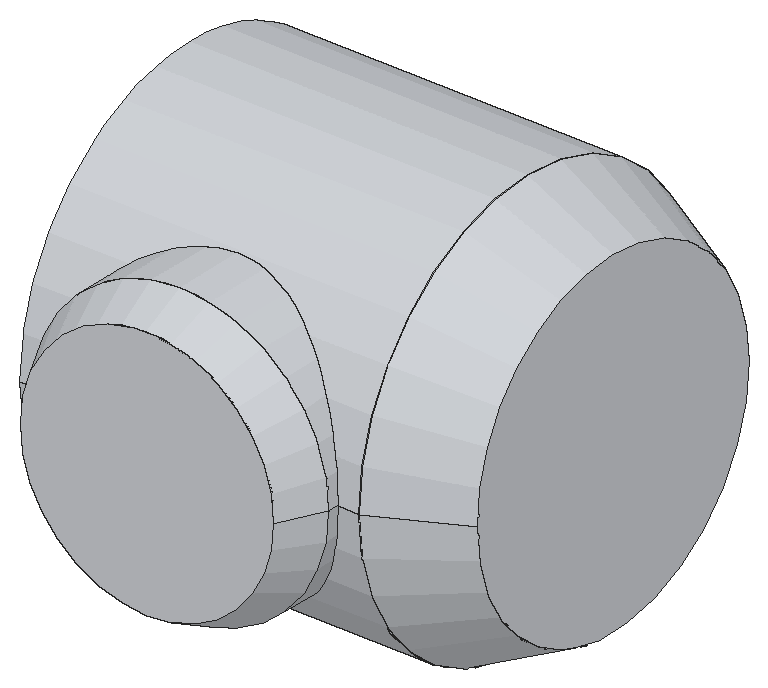
Revit family "M_T redondo com transição - Cônico reto", category Conexões de duto, Revit 2019
Family settings
  Cota do conector redondo = Usar raio
  Tipo de parte = Tê
  Número OmniClass = 23.75.70.14
  Título OmniClass = Air Ductwork
  ID de item do Seek = Round Tee with Transition - Straight Conical-0000-CAN-ENU
  Com base no plano de trabalho = Não
  Sempre na vertical = Sim
  Corte com vazios quando carregada = Não
  Compartilhado = Não
Parameters (values of type "Padrão")
  built-in parameter 1114242 [instance] = (empty or 0)
  Comprimento 2 [instance] = 12.5 mm  # constant formula
  Raio do duto 4 [instance] = 0.5 * Diâmetro do duto 4  # 175 mm
  Raio do duto 3 [instance] = 150 mm
  Raio do duto 2 [instance] = 200 mm
  Raio do duto 1 [instance] = 250 mm
  Comprimento do duto 4 [instance] = Raio do duto 1 + Comprimento 2  # 262.5 mm
  Comprimento do duto 3 [instance] = if(2 * abs(Raio do duto 3 - Raio do duto 4) > 300 mm, 300 mm, if(2 * abs(Raio do duto 3 - Raio do duto 4) < 25 mm, 25 mm, 2 * abs(Raio do duto 3 - Raio do duto 4)))  # 50 mm
  Comprimento do duto 2 [instance] = if(2 * abs(Raio do duto 1 - Raio do duto 2) > 300 mm, 300 mm, if(2 * abs(Raio do duto 1 - Raio do duto 2) < 25 mm, 25 mm, 2 * abs(Raio do duto 1 - Raio do duto 2)))  # 100 mm
  Comprimento do duto 1 [instance] = Raio do duto 4 + 25 mm  # 200 mm
  Diâmetro do duto 4 [instance] = Diâmetro do duto 3 + 50 mm  # 350 mm
  Diâmetro do duto 3 [instance] = Raio do duto 3 * 2  # 300 mm
  Diâmetro do duto 2 [instance] = Raio do duto 2 * 2  # 400 mm
  Diâmetro do duto 1 [instance] = Raio do duto 1 * 2  # 500 mm
  Assembly Code = ""
  Ângulo [instance] = 18.00°
Reference planes
  plane 1 "Centro (Frente/Trás)": y = 0
  plane 2: z = 0
  plane 3 "Centro (Esquerda/Direita)": x = 0
  plane 4: x = -200
  plane 5 "Comprimento do duto 1": x = 200
  plane 6: x = 300
  plane 7: z = 250
  plane 8 "Raio do duto 1 - Raio do duto 3": z = 100
  plane 9: y = -312.5
  plane 10 "Raio do duto 1": y = -250
  plane 11: y = -262.5
Forms (mm)
  Sweep 1, solid, detail levels medium+fine
    path in 3D
      loop
        line (-200, 0, 100) -> (200, 0, 100)
    profile origin (0, 0, 100) x (0, 1, 0) y (0, 0, 1)
      loop
        circle (0, -100) r 250
  Blend 2, solid, detail levels medium+fine
    base sketch origin (200, 1222.925, 1219.2) x (0, 1, 0) y (0, 0, 1)
      loop
        circle (-1222.925, -1219.2) r 250
    top sketch origin (200, 1222.925, 1219.2) x (0, 1, 0) y (0, 0, 1)
      loop
        circle (-1222.925, -1219.2) r 200
    from 0 to 100
  Extrusion 3, solid, detail levels medium+fine
    sketch origin (200, 1222.925, 1219.2) x (0, 1, 0) y (0, 0, 1)
      loop
        circle (-1222.925, -1219.2) r 3.175
    from 0 to 100
  Extrusion 4, solid, detail levels medium+fine
    sketch origin (0, 0, 0) x (1, 0, 0) y (0, 0, 1)
      loop
        circle (0, 0) r 3.175
    from 0 to 312.5
  Sweep 5, solid, detail levels medium+fine
    path in 3D
      loop
        line (0, 0, 0) -> (0, -262.5, 0)
    profile origin (0, -131.25, 0) x (1, 0, 0) y (0, 0, 1)
      loop
        circle (0, 0) r 175
  Blend 6, solid, detail levels medium+fine
    base sketch origin (-383.476, -262.5, 1219.2) x (-1, 0, 0) y (0, 0, 1)
      loop
        circle (-383.476, -1219.2) r 175
    top sketch origin (-383.476, -262.5, 1219.2) x (-1, 0, 0) y (0, 0, 1)
      loop
        circle (-383.476, -1219.2) r 150
    from 0 to -50
Cuts and joins
  joined: Sweep 1, Extrusion 4, Sweep 5, Blend 6
  joined: Blend 2, Extrusion 3
Lines and regions (mm)
  reference lines
    curve 1: line (-200, 0, 100) -> (200, 0, 100)
    curve 3: line (200, 0, 100) -> (300, 0, 100)
    curve 7: line (0, 0, 0) -> (0, -262.5, 0)
  sketch lines
    curve 2: line (-200, 0, 100) -> (200, 0, 100)
    curve 8: line (0, 0, 0) -> (0, -262.5, 0)
  model lines, detail levels coarse
    curve 4: line (-200, 0, 0) -> (0, 0, 0)
    curve 5: line (0, 0, 0) -> (300, 0, 0)
    curve 6: line (0, 0, 0) -> (0, -312.5, 0)
Dimensions and locks
  "Raio do duto 1": plane 7 to plane 2
  "Raio do duto 3": plane 7 to plane 8 "Raio do duto 1 - Raio do duto 3"
  "Comprimento do duto 1": plane 4 to plane 3 "Centro (Esquerda/Direita)"
  "Comprimento do duto 1": plane 3 "Centro (Esquerda/Direita)" to plane 5 "Comprimento do duto 1"
  "Raio do duto 1": plane 10 "Raio do duto 1" to plane 1 "Centro (Frente/Trás)"
  "Comprimento do duto 2": plane 5 "Comprimento do duto 1" to plane 6
  "Comprimento do duto 4": plane 11 to plane 1 "Centro (Frente/Trás)"
  "Comprimento do duto 3": plane 11 to plane 9
  "Raio do duto 1": radius of Sweep 1 sketch curve
  "Raio do duto 1": radius of Blend 2 sketch curve
  "Raio do duto 2": radius of Blend 2 sketch curve
  "Raio do duto 4": radius of Sweep 5 sketch curve
  "Raio do duto 4": radius of Blend 6 sketch curve
  "Raio do duto 3": radius of Blend 6 sketch curve
  aligned and locked: plane 4 to curve 1
  aligned and locked: plane 1 "Centro (Frente/Trás)" to curve 1
  aligned and locked: plane 1 "Centro (Frente/Trás)" to Sweep 1 sketch curve
  aligned and locked: plane 2 to Sweep 1 sketch curve
  aligned and locked: plane 1 "Centro (Frente/Trás)" to Blend 2 sketch curve  (x2)
  aligned and locked: plane 2 to Blend 2 sketch curve  (x2)
  aligned and locked: plane 6 to Blend 2
  aligned and locked: plane 5 "Comprimento do duto 1" to curve 3
  aligned and locked: plane 6 to curve 3
  aligned and locked: plane 1 "Centro (Frente/Trás)" to curve 3
  aligned and locked: plane 1 "Centro (Frente/Trás)" to Extrusion 3 sketch curve
  aligned and locked: plane 2 to Extrusion 3 sketch curve
  aligned and locked: Extrusion 3 to plane 5 "Comprimento do duto 1"
  aligned and locked: plane 6 to Extrusion 3
  aligned and locked: plane 3 "Centro (Esquerda/Direita)" to Extrusion 4 sketch curve
  aligned and locked: plane 2 to Extrusion 4 sketch curve
  aligned and locked: Extrusion 4 to plane 9
  aligned and locked: Extrusion 4 to plane 1 "Centro (Frente/Trás)"
  aligned and locked: plane 1 "Centro (Frente/Trás)" to curve 4
  aligned and locked: plane 6 to curve 5
  aligned and locked: plane 1 "Centro (Frente/Trás)" to curve 6
  aligned and locked: plane 9 to curve 6
  aligned and locked: curve 6 to plane 3 "Centro (Esquerda/Direita)"
  aligned and locked: plane 1 "Centro (Frente/Trás)" to curve 7
  aligned and locked: plane 11 to curve 7
  aligned and locked: curve 7 to plane 3 "Centro (Esquerda/Direita)"
  aligned and locked: plane 3 "Centro (Esquerda/Direita)" to Sweep 5 sketch curve
  aligned and locked: plane 2 to Sweep 5 sketch curve
  aligned and locked: plane 3 "Centro (Esquerda/Direita)" to Blend 6 sketch curve  (x2)
  aligned and locked: plane 2 to Blend 6 sketch curve  (x2)
  aligned and locked: Blend 6 to plane 9
  aligned and locked: plane 5 "Comprimento do duto 1" to Extrusion 3
Automatic sketch dimensions
  curve 4 to plane 4 = 0 mm
  radius of Extrusion 4 sketch curve = 3.175 mm
  radius of Extrusion 3 sketch curve = 3.175 mm
Connectors
  hvac at (-200, 0, 0), driven by "Raio do duto 1"
    settings: on Sweep 1, index 1, duct flow 0.0 L/s, flow factor 0, pres drop 0.0 Pa, loss coef 0, conn angle 0.00°, conn width 304.8 mm, conn height 304.8 mm, conn diameter 500 mm, duct sys type 28, conn prof type 0, flow config 0, flow direction 0, loss method 0, conn ref index 2, conn util no, is conn primary yes, conn desc ""
  hvac at (300, 0, 0), driven by "Raio do duto 2"
    settings: on Extrusion 3, index 2, duct flow 0.0 L/s, flow factor 0, pres drop 0.0 Pa, loss coef 0, conn angle 0.00°, conn width 304.8 mm, conn height 304.8 mm, conn diameter 400 mm, duct sys type 28, conn prof type 0, flow config 0, flow direction 0, loss method 0, conn ref index 1, conn util no, is conn primary no, conn desc ""
  hvac at (0, -312.5, 0), driven by "Raio do duto 3"
    settings: on Extrusion 4, index 3, duct flow 0.0 L/s, flow factor 0, pres drop 0.0 Pa, loss coef 0, conn angle 0.00°, conn width 304.8 mm, conn height 304.8 mm, conn diameter 300 mm, duct sys type 28, conn prof type 0, flow config 0, flow direction 0, loss method 0, conn ref index -1, conn util no, is conn primary no, conn desc ""
